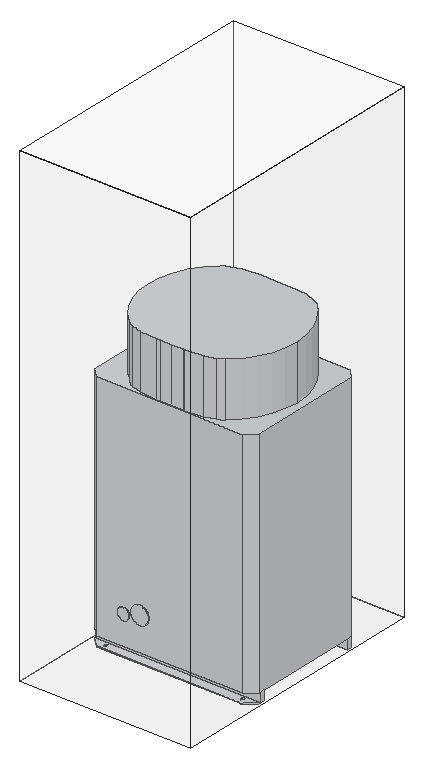
Revit family "室外機（高効率EX60Hz）_MEE修正", category 機械設備, Revit 2019 (continued)
Definition of nested family "筐体モジュール（高効率EX）"
  Lines and regions (mm)
    model lines, visible <- "ユニット234X", not visible, detail levels fine
      curve 238: line (460, -150.779, 818.931) -> (460, -150.779, 1040.048)
      curve 239: line (460, -132.596, 818.931) -> (460, -150.779, 818.931)
      curve 240: line (460, -132.596, 1040.048) -> (460, -132.596, 818.931)
      curve 241: line (460, 178.667, 802.923) -> (460, 297.73, 802.923)
      curve 242: line (460, 178.667, 569.8) -> (460, 178.667, 802.923)
      curve 243: line (460, 297.73, 569.8) -> (460, 178.667, 569.8)
      curve 244: line (460, 297.73, 802.923) -> (460, 297.73, 569.8)
      curve 245: line (460, 47.598, 802.923) -> (460, 166.661, 802.923)
      curve 246: line (460, 47.598, 569.8) -> (460, 47.598, 802.923)
      curve 247: line (460, 166.661, 569.8) -> (460, 47.598, 569.8)
      curve 248: line (460, 166.661, 802.923) -> (460, 166.661, 569.8)
      curve 249: line (460, -83.471, 802.923) -> (460, 35.592, 802.923)
      curve 250: line (460, -83.471, 569.8) -> (460, -83.471, 802.923)
      curve 251: line (460, 35.592, 569.8) -> (460, -83.471, 569.8)
      curve 252: line (460, 35.592, 802.923) -> (460, 35.592, 569.8)
      curve 253: line (460, -150.779, 802.923) -> (460, -95.75, 802.923)
      curve 254: line (460, -150.779, 569.8) -> (460, -150.779, 802.923)
      curve 255: line (460, -95.75, 569.8) -> (460, -150.779, 569.8)
      curve 256: line (460, -95.75, 802.923) -> (460, -95.75, 569.8)
      curve 257: line (460, -150.779, 796.92) -> (460, -132.596, 796.92)
      curve 258: line (460, -150.779, 575.803) -> (460, -150.779, 796.92)
      curve 259: line (460, -132.596, 575.803) -> (460, -150.779, 575.803)
      curve 260: line (460, -132.596, 796.92) -> (460, -132.596, 575.803)
      curve 261: line (460, 178.667, 559.795) -> (460, 297.73, 559.795)
      curve 262: line (460, 178.667, 326.672) -> (460, 178.667, 559.795)
      curve 263: line (460, 297.73, 326.672) -> (460, 178.667, 326.672)
      curve 264: line (460, 297.73, 559.795) -> (460, 297.73, 326.672)
      curve 265: line (460, 47.598, 559.795) -> (460, 166.661, 559.795)
      curve 266: line (460, 47.598, 326.672) -> (460, 47.598, 559.795)
      curve 267: line (460, 166.661, 326.672) -> (460, 47.598, 326.672)
      curve 268: line (460, 166.661, 559.795) -> (460, 166.661, 326.672)
      curve 269: line (460, -83.471, 559.795) -> (460, 35.592, 559.795)
      curve 270: line (460, -83.471, 326.672) -> (460, -83.471, 559.795)
      curve 271: line (460, 35.592, 326.672) -> (460, -83.471, 326.672)
      curve 272: line (460, 35.592, 559.795) -> (460, 35.592, 326.672)
      curve 273: line (460, -150.779, 559.795) -> (460, -95.75, 559.795)
      curve 274: line (460, -150.779, 326.672) -> (460, -150.779, 559.795)
      curve 275: line (460, -95.75, 326.672) -> (460, -150.779, 326.672)
      curve 276: line (460, -95.75, 559.795) -> (460, -95.75, 326.672)
      curve 277: line (460, -150.779, 553.792) -> (460, -132.596, 553.792)
      curve 278: line (460, -150.779, 332.675) -> (460, -150.779, 553.792)
      curve 279: line (460, -132.596, 332.675) -> (460, -150.779, 332.675)
      curve 280: line (460, -132.596, 553.792) -> (460, -132.596, 332.675)
      curve 281: line (460, 178.667, 316.667) -> (460, 297.73, 316.667)
      curve 282: line (460, 178.667, 83.544) -> (460, 178.667, 316.667)
      curve 283: line (460, 297.73, 83.544) -> (460, 178.667, 83.544)
      curve 284: line (460, 297.73, 316.667) -> (460, 297.73, 83.544)
      curve 285: line (460, 47.598, 316.667) -> (460, 166.661, 316.667)
      curve 286: line (460, 47.598, 83.544) -> (460, 47.598, 316.667)
      curve 287: line (460, 166.661, 83.544) -> (460, 47.598, 83.544)
      curve 288: line (460, 166.661, 316.667) -> (460, 166.661, 83.544)
      curve 289: line (460, -83.471, 316.667) -> (460, 35.592, 316.667)
      curve 290: line (460, -83.471, 83.544) -> (460, -83.471, 316.667)
      curve 291: line (460, 35.592, 83.544) -> (460, -83.471, 83.544)
      curve 292: line (460, 35.592, 316.667) -> (460, 35.592, 83.544)
      curve 293: line (460, -150.779, 316.667) -> (460, -95.75, 316.667)
      curve 294: line (460, -150.779, 83.544) -> (460, -150.779, 316.667)
      curve 295: line (460, -95.75, 83.544) -> (460, -150.779, 83.544)
      curve 296: line (460, -95.75, 316.667) -> (460, -95.75, 83.544)
      curve 297: line (460, -150.779, 310.664) -> (460, -132.596, 310.664)
      curve 298: line (460, -150.779, 89.547) -> (460, -150.779, 310.664)
      curve 299: line (460, -132.596, 89.547) -> (460, -150.779, 89.547)
      curve 300: line (460, -132.596, 310.664) -> (460, -132.596, 89.547)
    symbolic lines, visible <- "ユニット234X"
      curve 301: line (-408.343, 370, 0) -> (-460, 318.843, 0)
      curve 302: line (-460, 318.843, 0) -> (-460, -318.843, 0)
      curve 303: line (-460, -318.843, 0) -> (-408.343, -370, 0)
      curve 304: line (-408.343, -370, 0) -> (408.343, -370, 0)
      curve 305: line (408.343, -370, 0) -> (460, -318.843, 0)
      curve 306: line (460, -318.843, 0) -> (460, 318.843, 0)
      curve 307: line (460, 318.843, 0) -> (408.343, 370, 0)
      curve 308: line (408.343, 370, 0) -> (-408.343, 370, 0)
      curve 309: arc (-268.081, 316.106, 0) -> (-376.101, 174.18, 0) -> (-414.476, 0, 0) r 414.476
      curve 310: arc (-414.476, 0, 0) -> (-376.101, -174.18, 0) -> (-268.081, -316.106, 0) r 414.476
      curve 311: arc (-268.081, -316.106, 0) -> (-250.84, -327.278, 0) -> (-232.369, -336.274, 0) r 168.924
      curve 312: arc (-232.369, -336.274, 0) -> (-204.68, -346.28, 0) -> (-176.163, -353.601, 0) r 308.609
      curve 313: arc (-176.163, -353.601, 0) -> (-128.058, -361, 0) -> (-79.445, -363.367, 0) r 468.429
      curve 314: arc (-79.445, -363.367, 0) -> (-71.906, -363.425, 0) -> (-64.372, -363.142, 0) r 167.153
      curve 315: line (-64.372, -363.142, 0) -> (0, -363.142, 0)
      curve 316: line (0, -363.142, 0) -> (64.372, -363.142, 0)
      curve 317: arc (64.372, -363.142, 0) -> (71.906, -363.425, 0) -> (79.445, -363.367, 0) r 167.153
      curve 318: arc (79.445, -363.367, 0) -> (128.058, -361, 0) -> (176.163, -353.601, 0) r 468.429
      curve 319: arc (176.163, -353.601, 0) -> (204.68, -346.28, 0) -> (232.369, -336.274, 0) r 308.609
      curve 320: arc (232.369, -336.274, 0) -> (250.84, -327.278, 0) -> (268.081, -316.106, 0) r 168.924
      curve 321: arc (268.081, -316.106, 0) -> (376.101, -174.18, 0) -> (414.476, 0, 0) r 414.476
      curve 322: arc (414.476, 0, 0) -> (376.101, 174.18, 0) -> (268.082, 316.106, 0) r 414.476
      curve 323: arc (268.082, 316.106, 0) -> (250.84, 327.278, 0) -> (232.369, 336.274, 0) r 168.924
      curve 324: arc (232.369, 336.274, 0) -> (204.68, 346.28, 0) -> (176.163, 353.601, 0) r 308.609
      curve 325: arc (176.163, 353.601, 0) -> (128.058, 361, 0) -> (79.445, 363.367, 0) r 468.429
      curve 326: line (79.445, 363.367, 0) -> (0, 363.367, 0)
      curve 327: line (0, 363.367, 0) -> (-79.445, 363.367, 0)
      curve 328: arc (-79.445, 363.367, 0) -> (-128.058, 361, 0) -> (-176.163, 353.601, 0) r 468.429
      curve 329: arc (-176.163, 353.601, 0) -> (-204.68, 346.28, 0) -> (-232.369, 336.274, 0) r 308.609
      curve 330: arc (-232.369, 336.274, 0) -> (-250.974, 327.516, 0) -> (-268.081, 316.106, 0) r 138.853
  Dimensions and locks
    "Depth": plane 4 to plane 6
    equal spacing: plane 4, plane 1 "中心(正面/背面)", plane 6
    "W": plane 7 to plane 5
    equal spacing: plane 7, plane 3 "中心(左/右)", plane 5
    locked: plane 12 "本体下部" to plane 2 at 54
    plane 4 to plane 10 to plane 11 to plane 15 to plane 14 to plane 13 = 57 mm locked, 20 mm locked, 586 mm locked, 20 mm locked, 57 mm locked
    locked: plane 13 to plane 16 at 29.5
    locked: plane 4 to plane 19 at 29.5
    "冷媒液_Z": plane 20 "電源高さ" to level
    plane 9 to plane 8 = 303 mm
    plane 8 to plane 2 = 1347 mm
    "Height": plane 9 to plane 2
    "冷媒管径_Z": level to plane 24 "冷媒管高さ"
    locked: plane 7 to plane 17 at 80
    locked: plane 18 to plane 5 at 80
    locked: plane 12 "本体下部" to plane 25 "冷媒操作弁ガス芯4" at 1
    plane 19 to plane 10 to plane 11 = 27.5 mm, 20 mm
    plane 8 to level = 1347 mm
    equal spacing: plane 26, plane 3 "中心(左/右)", plane 27
    "Width": plane 26 to plane 27
    "冷媒ガス_X": plane 22 "冷媒操作弁液芯1" to plane 23 "冷媒操作弁ガス芯1"
    "冷媒液_X": plane 26 to plane 22 "冷媒操作弁液芯1"
    plane 16 to plane 14 to plane 15 = 27.5 mm, 20 mm
    "冷媒液_Y": plane 4 to plane 29
    "冷媒ガス_Y": plane 4 to plane 28
    "冷媒管径_X": plane 26 to plane 21
    "冷媒ガス_Z": plane 30 to level
    "冷媒管径_Y": plane 4 to plane 31
    "冷媒ガス管径": diameter of Extrusion 10 sketch curve
    "冷媒液管径": diameter of Extrusion 9 sketch curve
    "冷媒管径": diameter of Extrusion 8 sketch curve
    "冷媒管径": diameter of Extrusion 6 sketch curve
    aligned and locked: plane 5 to Extrusion 1
    aligned and locked: Extrusion 1 to plane 7
    aligned and locked: Extrusion 1 to plane 6
    aligned and locked: plane 4 to Extrusion 1
    aligned and locked: curve 103 to plane 7
    aligned and locked: curve 3 to plane 5
    aligned and locked: plane 11 to Extrusion 2 sketch curve
    aligned and locked: plane 7 to Extrusion 2 sketch curve
    aligned and locked: Extrusion 2 sketch curve to plane 10
    aligned and locked: Extrusion 2 sketch curve to plane 5
    aligned and locked: plane 13 to Extrusion 4
    aligned and locked: Extrusion 4 to plane 14
    aligned and locked: Extrusion 1 to plane 12 "本体下部"
    aligned and locked: plane 12 "本体下部" to Extrusion 1  (x2)
    aligned and locked: plane 8 to Extrusion 1
    aligned and locked: Extrusion 4 sketch curve to Extrusion 1  (x2)
    aligned and locked: plane 4 to Extrusion 5
    aligned and locked: plane 10 to Extrusion 2
    aligned and locked: plane 3 "中心(左/右)" to Extrusion 7 sketch curve
    aligned and locked: plane 12 "本体下部" to Extrusion 8
    aligned and locked: Extrusion 9 to plane 25 "冷媒操作弁ガス芯4"
    aligned and locked: plane 12 "本体下部" to Extrusion 9
    aligned and locked: plane 12 "本体下部" to Extrusion 10
    aligned and locked: Extrusion 9 to Extrusion 10
    aligned and locked: Extrusion 8 to Extrusion 9
    aligned and locked: plane 23 "冷媒操作弁ガス芯1" to Extrusion 10 sketch curve
    aligned and locked: plane 21 to Extrusion 8 sketch curve
    aligned and locked: plane 22 "冷媒操作弁液芯1" to Extrusion 9 sketch curve
    aligned and locked: plane 28 to Extrusion 10 sketch curve
    aligned and locked: plane 29 to Extrusion 9 sketch curve
    aligned and locked: plane 24 "冷媒管高さ" to Extrusion 6 sketch curve
    aligned and locked: plane 21 to Extrusion 6 sketch curve
    aligned and locked: plane 31 to Extrusion 8 sketch curve
    aligned and locked: plane 17 to nested 1
    aligned and locked: nested 1 to plane 18
    aligned and locked: plane 16 to nested 1
    aligned and locked: nested 1 to plane 19
    aligned and locked: Masking region 1 sketch curve to Extrusion 1  (x8)
    aligned and locked: curve 301 to Masking region 1
    aligned and locked: curve 302 to Masking region 1
    aligned and locked: curve 303 to Masking region 1
    aligned and locked: curve 304 to Masking region 1
    aligned and locked: curve 305 to Masking region 1
    aligned and locked: curve 306 to Masking region 1
    aligned and locked: curve 307 to Masking region 1
    aligned and locked: curve 308 to Masking region 1
    aligned and locked: curve 309 to Extrusion 7
    aligned and locked: curve 310 to Extrusion 7
    aligned and locked: curve 311 to Extrusion 7
    aligned and locked: curve 312 to Extrusion 7
    aligned and locked: curve 313 to Extrusion 7
    aligned and locked: curve 314 to Extrusion 7
    aligned and locked: curve 315 to Extrusion 7
    aligned and locked: curve 316 to Extrusion 7
    aligned and locked: curve 317 to Extrusion 7
    aligned and locked: curve 318 to Extrusion 7
    aligned and locked: curve 319 to Extrusion 7
    aligned and locked: curve 320 to Extrusion 7
    aligned and locked: curve 321 to Extrusion 7
    aligned and locked: curve 322 to Extrusion 7
    aligned and locked: curve 323 to Extrusion 7
    aligned and locked: curve 324 to Extrusion 7
    aligned and locked: curve 325 to Extrusion 7
    aligned and locked: curve 326 to Extrusion 7
    aligned and locked: curve 327 to Extrusion 7
    aligned and locked: curve 328 to Extrusion 7
    aligned and locked: curve 329 to Extrusion 7
    aligned and locked: curve 330 to Extrusion 7
  Automatic sketch dimensions
    Extrusion 1 sketch curve to plane 7 = 0 mm
    plane 6 to Extrusion 1 sketch curve = 0 mm
    plane 4 to Extrusion 1 sketch curve = 0 mm
    Extrusion 1 sketch curve to plane 5 = 0 mm
    plane 10 to Extrusion 1 sketch curve = 5.843 mm  (x2)
    plane 14 to Extrusion 1 sketch curve = 5.843 mm  (x2)
    Extrusion 3 sketch curve to plane 7 = 0 mm
    Extrusion 3 sketch curve to plane 5 = 0 mm
    Extrusion 3 sketch curve to plane 14 = 0 mm
    Extrusion 3 sketch curve to plane 15 = 0 mm
    Extrusion 4 sketch curve to plane 7 = 0 mm
    plane 6 to Extrusion 4 sketch curve = 0 mm
    Extrusion 4 sketch curve to plane 17 = 0 mm
    Extrusion 4 sketch curve to plane 18 = 0 mm
    Extrusion 4 sketch curve to plane 5 = 0 mm
    Extrusion 4 sketch curve to plane 14 = 0 mm
    Extrusion 4 sketch curve to plane 16 = 3 mm  (x2)
    plane 17 to Extrusion 4 sketch curve = 7 mm
    Extrusion 4 sketch curve to plane 18 = 7 mm
    plane 16 to Extrusion 4 sketch curve = 3 mm  (x2)
    Extrusion 5 sketch curve to plane 7 = 0 mm
    plane 4 to Extrusion 5 sketch curve = 0 mm
    Extrusion 5 sketch curve to plane 17 = 0 mm
    Extrusion 5 sketch curve to plane 18 = 0 mm
    Extrusion 5 sketch curve to plane 5 = 0 mm
    plane 10 to Extrusion 5 sketch curve = 0 mm
    plane 19 to Extrusion 5 sketch curve = 3 mm  (x2)
    Extrusion 5 sketch curve to plane 17 = 7 mm
    plane 18 to Extrusion 5 sketch curve = 7 mm
    Extrusion 5 sketch curve to plane 19 = 3 mm  (x2)
    plane 10 to Extrusion 5 sketch curve = 5.843 mm  (x2)
    Extrusion 1 sketch curve to plane 17 = 28.343 mm  (x2)
    Extrusion 5 sketch curve to plane 17 = 28.343 mm
    Extrusion 1 sketch curve to plane 18 = 28.343 mm  (x2)
    Extrusion 5 sketch curve to plane 18 = 28.343 mm
    Extrusion 7 sketch curve to Extrusion 7 sketch curve = 0 mm  (x3)
    plane 1 "中心(正面/背面)" to Extrusion 7 sketch curve = 0 mm  (x2)
    Extrusion 7 sketch curve to plane 3 "中心(左/右)" = 0 mm  (x3)
    Extrusion 7 sketch curve to plane 4 = 6.858 mm
    Extrusion 7 sketch curve to plane 3 "中心(左/右)" = 64.372 mm
    Extrusion 7 sketch curve to plane 3 "中心(左/右)" = 74.399 mm
    plane 6 to Extrusion 7 sketch curve = 6.633 mm
    Extrusion 7 sketch curve to plane 3 "中心(左/右)" = 79.445 mm
    Extrusion 7 sketch curve to plane 3 "中心(左/右)" = 80.998 mm  (x2)
    Extrusion 7 sketch curve to Extrusion 7 sketch curve = 64.372 mm
    plane 3 "中心(左/右)" to Extrusion 7 sketch curve = 74.399 mm
    Extrusion 7 sketch curve to Extrusion 7 sketch curve = 79.445 mm
    plane 3 "中心(左/右)" to Extrusion 7 sketch curve = 80.998 mm  (x2)
    Extrusion 7 sketch curve to Extrusion 7 sketch curve = 32.763 mm  (x4)
    Extrusion 7 sketch curve to Extrusion 7 sketch curve = 86.775 mm
    Extrusion 7 sketch curve to Extrusion 7 sketch curve = 93.374 mm  (x2)
    Extrusion 7 sketch curve to Extrusion 7 sketch curve = 91.232 mm  (x2)
    plane 1 "中心(正面/背面)" to Extrusion 7 sketch curve = 51.367 mm  (x2)
    Extrusion 7 sketch curve to plane 1 "中心(正面/背面)" = 51.367 mm  (x2)
    Extrusion 7 sketch curve to Extrusion 7 sketch curve = 53.692 mm  (x2)
    Extrusion 7 sketch curve to Extrusion 7 sketch curve = 75.129 mm
    Extrusion 7 sketch curve to Extrusion 7 sketch curve = 101.551 mm
    Extrusion 7 sketch curve to plane 4 = 6.633 mm  (x2)
    Extrusion 7 sketch curve to plane 19 = 4.226 mm  (x2)
    Extrusion 7 sketch curve to plane 16 = 4.226 mm  (x2)
    plane 14 to Extrusion 7 sketch curve = 3.106 mm
    plane 16 to Extrusion 7 sketch curve = 13.101 mm  (x2)
    plane 19 to Extrusion 7 sketch curve = 13.101 mm  (x2)
    plane 10 to Extrusion 7 sketch curve = 3.106 mm
    Extrusion 7 sketch curve to Extrusion 7 sketch curve = 101.697 mm
    Extrusion 7 sketch curve to Extrusion 7 sketch curve = 16.103 mm  (x2)
    Extrusion 7 sketch curve to plane 11 = 96.709 mm
    curve 326 to plane 3 "中心(左/右)" = 0 mm
    curve 315 to plane 3 "中心(左/右)" = 0 mm
  Nested families
    nested 1: "固定点" at (-380, -340.5, 0), visible <- "ユニット234X", type "固定点", detail levels fine
      with W 760 mm, D 681 mm
  Definition of nested family "固定点"
    Parameters (values of type "固定点")
      中心円 = 20 mm
      W [instance] = 1000 mm
      D [instance] = 1000 mm
    Reference planes
      plane 1 "中心(正面/背面)": y = 0
      plane 2: z = 0
      plane 3 "中心(左/右)": x = 0
      plane 4: x = 1000
      plane 5: y = 1000
    Lines and regions (mm)
      symbolic lines, detail levels fine
        curve 1: circle (0, 1000, 0) r 10 normal (0, 0, 1)
        curve 2: circle (0, 0, 0) r 10 normal (0, 0, 1)
        curve 3: circle (1000, 1000, 0) r 10 normal (0, 0, 1)
        curve 4: circle (1000, 0, 0) r 10 normal (0, 0, 1)
        curve 5: line (-200, 1000, 0) -> (1200, 1000, 0)
        curve 6: line (-200, 0, 0) -> (1200, 0, 0)
        curve 7: line (0, 1200, 0) -> (0, -200, 0)
        curve 8: line (1000, 1200, 0) -> (1000, -200, 0)
    Dimensions and locks
      "W": plane 3 "中心(左/右)" to plane 4
      "D": plane 1 "中心(正面/背面)" to plane 5
      "中心円": diameter of curve 1
      "中心円": diameter of curve 2
      "中心円": diameter of curve 3
      "中心円": diameter of curve 4
      aligned and locked: level to plane 2
      aligned and locked: plane 5 to curve 1
      aligned and locked: plane 3 "中心(左/右)" to curve 1
      aligned and locked: plane 3 "中心(左/右)" to curve 2
      aligned and locked: plane 1 "中心(正面/背面)" to curve 2
      aligned and locked: plane 4 to curve 3
      aligned and locked: plane 5 to curve 3
      aligned and locked: plane 1 "中心(正面/背面)" to curve 4
      aligned and locked: plane 4 to curve 4
      aligned and locked: plane 1 "中心(正面/背面)" to curve 6
      aligned and locked: curve 7 to plane 3 "中心(左/右)"
      aligned and locked: curve 8 to plane 4
    Automatic sketch dimensions
      curve 5 to plane 5 = 0 mm
      curve 6 to plane 3 "中心(左/右)" = 200 mm
      curve 5 to plane 3 "中心(左/右)" = 200 mm
      curve 4 to curve 6 = 200 mm
      curve 3 to curve 5 = 200 mm
      plane 1 "中心(正面/背面)" to curve 8 = 200 mm
      plane 1 "中心(正面/背面)" to curve 7 = 200 mm
      curve 3 to curve 8 = 200 mm
      curve 1 to curve 7 = 200 mm
Types (49, lengths in mm): name | 風量（m3／min） | 風量 | 音響パワーレベル(dB) | 電源位置2X（ユニット3） | 電源位置2X（ユニット2） | 電源位置2X（ユニット1） | 電源位置1X（ユニット3） | 電源位置1X（ユニット2） | 電源位置1X（ユニット1） | 電動機出力_送風機 | 電動機出力_圧縮機 | 質量 | 製品質量 | 消費電力_暖房 | 消費電力_冷房 | 消費電力 | 最小電線太さ_mm2 | 暖房能力 | 推奨ブレーカー容量 | 冷房能力 | 冷媒管（液）位置2 (ユニット3) | 冷媒管（液）位置2 (ユニット2) | 冷媒管（液）位置1 (ユニット3） | 冷媒管（ガス）位置2 (ユニット3) | 冷媒管（ガス）位置2 (ユニット2) | 冷媒管（液）位置1 (ユニット1) | 冷媒管（液）位置2 (ユニット1) | 冷媒管（ガス）位置2 (ユニット1) | 冷媒管（液）位置1 (ユニット2） | 冷媒管径符号 | 冷媒管位置3 (ユニット3) | 冷媒管位置3 (ユニット2) | 冷媒管位置3 (ユニット1) | 冷媒管位置2 (ユニット3) | 冷媒管位置2 (ユニット2) | 冷媒管位置1 (ユニット2) | 冷媒管位置2 (ユニット1) | 冷媒管位置1 (ユニット3) | 冷媒管位置1 (ユニット1) | 冷媒液管径3 | 冷媒液管径2 | 冷媒液管径 | 冷媒ガス管径3 | 冷媒ガス管径2 | 冷媒ガス管径 | ユニット隙間 | ユニット数 | ユニットタイプ3 | ユニットタイプ2 | ユニットタイプ1 | ユニット3 | ユニット2 | モデル | サービススペース_タイプA | アンカーボルト位置X（ユニット3） | アンカーボルト位置X（ユニット2） | アンカーボルト位置X（ユニット1） | Width3 | Width2 | Width1 | Width | URL | MAX風量 | Clearance Right | Clearance Left | Clearance Back | APF
  (no name) | 165 | 9900.0 m³/h | 76 | 177 | 177 | 177 | 201 | 201 | 201 | 0.35 kW | 3.77 kW | 202.80 kg | 169.00 kg | 4.76 kW | 3.6 kW | 4.76 kW | 5.5 | 16 kW | 30 A | 14 kW | 147 | 147 | 251 | 137 | 137 | 251 | 147 | 137 | 251 | "Bd" | 242 | 242 | 242 | 142 | 142 | 292.5 | 142 | 292.5 | 292.5 | 9.52 | 9.52 | 9.52 | 15.88 | 15.88 | 15.88 | 30 | 1 | 筐体モジュール（高効率EX） : 140筐体 | 筐体モジュール（高効率EX） : 140筐体 | 筐体モジュール（高効率EX） : 140筐体 | no | no | "PUHY-EP140DMG7" | yes | 760 | 760 | 760 | 920 | 920 | 920 | 920 | "https://www.mitsubishielectric.co.jp/ldg/wink/ssl/displayProduct.do?pid=307677" | 9900.0 m³/h | 15 | 15 | 300 | 5.7
  PUHY-EP140DMG7_タイプA | 165 | 9900.0 m³/h | 76 | 177 | 177 | 177 | 201 | 201 | 201 | 0.35 kW | 3.77 kW | 202.80 kg | 169.00 kg | 4.76 kW | 3.6 kW | 4.76 kW | 5.5 | 16 kW | 30 A | 14 kW | 147 | 147 | 251 | 137 | 137 | 251 | 147 | 137 | 251 | "Bd" | 242 | 242 | 242 | 142 | 142 | 292.5 | 142 | 292.5 | 292.5 | 9.52 | 9.52 | 9.52 | 15.88 | 15.88 | 15.88 | 30 | 1 | 筐体モジュール（高効率EX） : 140筐体 | 筐体モジュール（高効率EX） : 140筐体 | 筐体モジュール（高効率EX） : 140筐体 | no | no | "PUHY-EP140DMG7" | yes | 760 | 760 | 760 | 920 | 920 | 920 | 920 | "https://www.mitsubishielectric.co.jp/ldg/wink/ssl/displayProduct.do?pid=307677" | 9900.0 m³/h | 15 | 15 | 300 | 5.7
  PUHY-EP160DMG7_タイプA | 165 | 9900.0 m³/h | 76.5 | 177 | 177 | 177 | 201 | 201 | 201 | 0.35 kW | 3.46 kW | 202.80 kg | 169.00 kg | 4.4 kW | 3.9 kW | 4.4 kW | 5.5 | 18 kW | 30 A | 16 kW | 147 | 147 | 251 | 137 | 137 | 251 | 147 | 137 | 251 | "Be" | 242 | 242 | 242 | 142 | 142 | 292.5 | 142 | 292.5 | 292.5 | 9.52 | 9.52 | 9.52 | 19.05 | 19.05 | 19.05 | 30 | 1 | 筐体モジュール（高効率EX） : 160筐体 | 筐体モジュール（高効率EX） : 160筐体 | 筐体モジュール（高効率EX） : 160筐体 | no | no | "PUHY-EP160DMG7" | yes | 760 | 760 | 760 | 920 | 920 | 920 | 920 | "https://www.mitsubishielectric.co.jp/ldg/wink/ssl/displayProduct.do?pid=307679" | 9900.0 m³/h | 15 | 15 | 300 | 6
  PUHY-EP224DMG7_タイプA | 165 | 9900.0 m³/h | 76.5 | 177 | 177 | 177 | 201 | 201 | 201 | 0.35 kW | 5.14 kW | 222.00 kg | 185.00 kg | 6.26 kW | 6.34 kW | 6.34 kW | 8 | 25 kW | 40 A | 22.4 kW | 147 | 147 | 251 | 145 | 145 | 251 | 147 | 145 | 251 | "Be" | 197 | 197 | 197 | 146 | 146 | 292.5 | 146 | 292.5 | 292.5 | 9.52 | 9.52 | 9.52 | 19.05 | 19.05 | 19.05 | 30 | 1 | 筐体モジュール（高効率EX） : 224筐体 | 筐体モジュール（高効率EX） : 224筐体 | 筐体モジュール（高効率EX） : 224筐体 | no | no | "PUHY-EP224DMG7" | yes | 760 | 760 | 760 | 920 | 920 | 920 | 920 | "https://www.mitsubishielectric.co.jp/ldg/wink/ssl/displayProduct.do?pid=307682" | 9900.0 m³/h | 15 | 15 | 300 | 6
  PUHY-EP280DMG7_タイプA | 185 | 11100.0 m³/h | 80.5 | 177 | 177 | 177 | 201 | 201 | 201 | 0.46 kW | 7.33 kW | 222.00 kg | 185.00 kg | 8.36 kW | 9.16 kW | 9.16 kW | 14 | 31.5 kW | 50 A | 28 kW | 147 | 147 | 251 | 145 | 145 | 251 | 147 | 145 | 251 | "Bf" | 197 | 197 | 197 | 146 | 146 | 292.5 | 146 | 292.5 | 292.5 | 9.52 | 9.52 | 9.52 | 22.20 | 22.20 | 22.20 | 30 | 1 | 筐体モジュール（高効率EX） : 280筐体 | 筐体モジュール（高効率EX） : 280筐体 | 筐体モジュール（高効率EX） : 280筐体 | no | no | "PUHY-EP280DMG7" | yes | 760 | 760 | 760 | 920 | 920 | 920 | 920 | "https://www.mitsubishielectric.co.jp/ldg/wink/ssl/displayProduct.do?pid=307515" | 11100.0 m³/h | 15 | 15 | 300 | 5.7
  PUHY-EP335DMG7_タイプA | 210 | 12600.0 m³/h | 82.5 | 227 | 227 | 227 | 251 | 251 | 251 | 0.46 kW | 7.77 kW | 267.60 kg | 223.00 kg | 9.39 kW | 9.51 kW | 9.51 kW | 22 | 37.5 kW | 60 A | 33.5 kW | 143 | 143 | 301 | 145 | 145 | 301 | 143 | 145 | 301 | "Bf" | 197.5 | 197.5 | 197.5 | 144 | 144 | 342.5 | 144 | 342.5 | 342.5 | 9.52 | 9.52 | 9.52 | 22.20 | 22.20 | 22.20 | 30 | 1 | 筐体モジュール（高効率EX） : 335筐体 | 筐体モジュール（高効率EX） : 335筐体 | 筐体モジュール（高効率EX） : 335筐体 | no | no | "PUHY-EP335DMG7" | yes | 1060 | 1060 | 1060 | 1220 | 1220 | 1220 | 1220 | "https://www.mitsubishielectric.co.jp/ldg/wink/ssl/displayProduct.do?pid=307687" | 12600.0 m³/h | 15 | 15 | 300 | 6.2
  PUHY-EP400DMG7_タイプA | 360 | 21600.0 m³/h | 83 | 516 | 516 | 516 | 541 | 541 | 541 | 0.92 kW | 9.84 kW | 339.60 kg | 283.00 kg | 12.3 kW | 12.1 kW | 12.3 kW | 22 | 45 kW | 60 A | 40 kW | 143 | 143 | 590 | 145 | 145 | 590 | 143 | 145 | 590 | "Cg" | 197.5 | 197.5 | 197.5 | 144 | 144 | 631.5 | 144 | 631.5 | 631.5 | 12.70 | 12.70 | 12.70 | 25.40 | 25.40 | 25.40 | 30 | 1 | 筐体モジュール.（高効率EX） : 400筐体 | 筐体モジュール.（高効率EX） : 400筐体 | 筐体モジュール.（高効率EX） : 400筐体 | no | no | "PUHY-EP400DMG7" | yes | 795 | 795 | 795 | 1750 | 1750 | 1750 | 1750 | "https://www.mitsubishielectric.co.jp/ldg/wink/ssl/displayProduct.do?pid=307689" | 21600.0 m³/h | 15 | 15 | 300 | 6.3
  PUHY-EP450DMG7_タイプA | 360 | 21600.0 m³/h | 83 | 516 | 516 | 516 | 541 | 541 | 541 | 0.92 kW | 12.6 kW | 339.60 kg | 283.00 kg | 13.5 kW | 15.6 kW | 15.6 kW | 22 | 50 kW | 75 A | 45 kW | 144 | 144 | 590 | 145 | 145 | 590 | 144 | 145 | 590 | "Ch" | 205 | 205 | 205 | 144.5 | 144.5 | 631.5 | 144.5 | 631.5 | 631.5 | 12.70 | 12.70 | 12.70 | 28.58 | 28.58 | 28.58 | 30 | 1 | 筐体モジュール.（高効率EX） : 450筐体 | 筐体モジュール.（高効率EX） : 450筐体 | 筐体モジュール.（高効率EX） : 450筐体 | no | no | "PUHY-EP450DMG7" | yes | 795 | 795 | 795 | 1750 | 1750 | 1750 | 1750 | "https://www.mitsubishielectric.co.jp/ldg/wink/ssl/displayProduct.do?pid=307692" | 21600.0 m³/h | 15 | 15 | 300 | 6.4
  PUHY-EP500DMG7_タイプA | 350 | 21000.0 m³/h | 82 | 177 | 177 | 177 | 201 | 201 | 201 | 0.81 kW | 12.47 kW | 444.00 kg | 370.00 kg | 14.4 kW | 15.1 kW | 15.1 kW | 38 | 56 kW | 75 A | 50 kW | 147 | 147 | 251 | 145 | 145 | 251 | 147 | 145 | 251 | "Dh" | 197 | 197 | 197 | 146 | 146 | 292.5 | 146 | 292.5 | 292.5 | 9.52 | 9.52 | 9.52 | 22.20 | 22.20 | 22.20 | 30 | 2 | 筐体モジュール（高効率EX） : 224筐体 | 筐体モジュール（高効率EX） : 224筐体 | 筐体モジュール（高効率EX） : 280筐体 | no | yes | "PUHY-EP500DMG7" | yes | 760 | 760 | 760 | 920 | 920 | 920 | 1870 | "https://www.mitsubishielectric.co.jp/ldg/wink/ssl/displayProduct.do?pid=307697" | 21000.0 m³/h | 15 | 15 | 300 | 5.8
  PUHY-EP560DMG7_タイプA | 370 | 22200.0 m³/h | 83.5 | 177 | 177 | 177 | 201 | 201 | 201 | 0.92 kW | 14.66 kW | 444.00 kg | 370.00 kg | 16.2 kW | 17.7 kW | 17.7 kW | 38 | 63 kW | 100 A | 56 kW | 147 | 147 | 251 | 145 | 145 | 251 | 147 | 145 | 251 | "Dh" | 197 | 197 | 197 | 146 | 146 | 292.5 | 146 | 292.5 | 292.5 | 9.52 | 9.52 | 9.52 | 22.20 | 22.20 | 22.20 | 30 | 2 | 筐体モジュール（高効率EX） : 280筐体 | 筐体モジュール（高効率EX） : 280筐体 | 筐体モジュール（高効率EX） : 280筐体 | no | yes | "PUHY-EP560DMG7" | yes | 760 | 760 | 760 | 920 | 920 | 920 | 1870 | "https://www.mitsubishielectric.co.jp/ldg/wink/ssl/displayProduct.do?pid=307700" | 22200.0 m³/h | 15 | 15 | 300 | 5.7
  PUHY-EP630DMG7_タイプA | 395 | 23700.0 m³/h | 85 | 177 | 177 | 227 | 201 | 201 | 251 | 0.92 kW | 15.1 kW | 489.60 kg | 408.00 kg | 17.6 kW | 19 kW | 19 kW | 38 | 69 kW | 100 A | 63 kW | 147 | 147 | 251 | 145 | 145 | 301 | 143 | 145 | 251 | "Dh" | 197 | 197 | 197.5 | 146 | 146 | 292.5 | 144 | 292.5 | 342.5 | 9.52 | 9.52 | 12.70 | 22.20 | 22.20 | 25.40 | 30 | 2 | 筐体モジュール（高効率EX） : 280筐体 | 筐体モジュール（高効率EX） : 280筐体 | 筐体モジュール（高効率EX） : 335筐体 | no | yes | "PUHY-EP630DMG7" | yes | 760 | 760 | 1060 | 920 | 920 | 1220 | 2170 | "https://www.mitsubishielectric.co.jp/ldg/wink/ssl/displayProduct.do?pid=307703" | 23700.0 m³/h | 15 | 15 | 300 | 5.9
  PUHY-EP670DMG7_タイプA | 420 | 25200.0 m³/h | 85.5 | 227 | 227 | 227 | 251 | 251 | 251 | 0.92 kW | 15.54 kW | 535.20 kg | 446.00 kg | 19.6 kW | 19.4 kW | 19.6 kW | 60 | 77.5 kW | 100 A | 67 kW | 143 | 143 | 301 | 145 | 145 | 301 | 143 | 145 | 301 | "Dh" | 197.5 | 197.5 | 197.5 | 144 | 144 | 342.5 | 144 | 342.5 | 342.5 | 12.70 | 12.70 | 12.70 | 25.40 | 25.40 | 25.40 | 30 | 2 | 筐体モジュール（高効率EX） : 335筐体 | 筐体モジュール（高効率EX） : 335筐体 | 筐体モジュール（高効率EX） : 335筐体 | no | yes | "PUHY-EP670DMG7" | yes | 1060 | 1060 | 1060 | 1220 | 1220 | 1220 | 2470 | "https://www.mitsubishielectric.co.jp/ldg/wink/ssl/displayProduct.do?pid=307706" | 25200.0 m³/h | 15 | 15 | 300 | 6.2
  PUHY-EP730DMG7_タイプA | 570 | 34200.0 m³/h | 86 | 227 | 227 | 516 | 251 | 251 | 541 | 1.38 kW | 17.61 kW | 607.20 kg | 506.00 kg | 22.3 kW | 22.2 kW | 22.3 kW | 60 | 82.5 kW | 100 A | 73 kW | 143 | 143 | 301 | 145 | 145 | 590 | 143 | 145 | 301 | "Dh" | 197.5 | 197.5 | 197.5 | 144 | 144 | 342.5 | 144 | 342.5 | 631.5 | 12.70 | 12.70 | 12.70 | 25.40 | 25.40 | 25.40 | 30 | 2 | 筐体モジュール（高効率EX） : 335筐体 | 筐体モジュール（高効率EX） : 335筐体 | 筐体モジュール.（高効率EX） : 400筐体 | no | yes | "PUHY-EP730DMG7" | yes | 1060 | 1060 | 795 | 1220 | 1220 | 1750 | 3000 | "https://www.mitsubishielectric.co.jp/ldg/wink/ssl/displayProduct.do?pid=307709" | 34200.0 m³/h | 15 | 15 | 300 | 6.2
  PUHY-EP775DMG7_タイプA | 720 | 43200.0 m³/h | 86 | 516 | 516 | 516 | 541 | 541 | 541 | 1.84 kW | 19.68 kW | 679.20 kg | 566.00 kg | 25.6 kW | 24.5 kW | 25.6 kW | 60 | 90 kW | 125 A | 77.5 kW | 143 | 143 | 590 | 145 | 145 | 590 | 143 | 145 | 590 | "Ei" | 197.5 | 197.5 | 197.5 | 144 | 144 | 631.5 | 144 | 631.5 | 631.5 | 12.70 | 12.70 | 12.70 | 25.40 | 25.40 | 25.40 | 30 | 2 | 筐体モジュール.（高効率EX） : 400筐体 | 筐体モジュール.（高効率EX） : 400筐体 | 筐体モジュール.（高効率EX） : 400筐体 | no | yes | "PUHY-EP775DMG7" | yes | 795 | 795 | 795 | 1750 | 1750 | 1750 | 3530 | "https://www.mitsubishielectric.co.jp/ldg/wink/ssl/displayProduct.do?pid=307711" | 43200.0 m³/h | 15 | 15 | 300 | 6.3
  PUHY-EP850DMG7_タイプA | 720 | 43200.0 m³/h | 86 | 516 | 516 | 516 | 541 | 541 | 541 | 1.84 kW | 22.44 kW | 679.20 kg | 566.00 kg | 26.8 kW | 28.6 kW | 28.6 kW | 60 | 95 kW | 125 A | 85 kW | 143 | 143 | 590 | 145 | 145 | 590 | 144 | 145 | 590 | "Ei" | 197.5 | 197.5 | 205 | 144 | 144 | 631.5 | 144.5 | 631.5 | 631.5 | 12.70 | 12.70 | 15.88 | 25.40 | 25.40 | 28.58 | 30 | 2 | 筐体モジュール.（高効率EX） : 400筐体 | 筐体モジュール.（高効率EX） : 400筐体 | 筐体モジュール.（高効率EX） : 450筐体 | no | yes | "PUHY-EP850DMG7" | yes | 795 | 795 | 795 | 1750 | 1750 | 1750 | 3530 | "https://www.mitsubishielectric.co.jp/ldg/wink/ssl/displayProduct.do?pid=307604" | 43200.0 m³/h | 15 | 15 | 300 | 6.3
  PUHY-EP900DMG7_タイプA | 720 | 43200.0 m³/h | 86 | 516 | 516 | 516 | 541 | 541 | 541 | 1.84 kW | 25.2 kW | 679.20 kg | 566.00 kg | 27.1 kW | 32.4 kW | 32.4 kW | 100 | 100 kW | 125 A | 90 kW | 144 | 144 | 590 | 145 | 145 | 590 | 144 | 145 | 590 | "Ei" | 205 | 205 | 205 | 144.5 | 144.5 | 631.5 | 144.5 | 631.5 | 631.5 | 15.88 | 15.88 | 15.88 | 28.58 | 28.58 | 28.58 | 30 | 2 | 筐体モジュール.（高効率EX） : 450筐体 | 筐体モジュール.（高効率EX） : 450筐体 | 筐体モジュール.（高効率EX） : 450筐体 | no | yes | "PUHY-EP900DMG7" | yes | 795 | 795 | 795 | 1750 | 1750 | 1750 | 3530 | "https://www.mitsubishielectric.co.jp/ldg/wink/ssl/displayProduct.do?pid=307716" | 43200.0 m³/h | 15 | 15 | 300 | 6.4
  PUHY-EP950DMG7_タイプA | 720 | 43200.0 m³/h | 87.5 | 516 | 516 | 516 | 541 | 541 | 541 | 1.84 kW | 27.8 kW | 686.40 kg | 572.00 kg | 29.1 kW | 34.4 kW | 34.4 kW | 100 | 106 kW | 150 A | 95 kW | 144 | 144 | 590 | 145 | 145 | 590 | 144 | 145 | 590 | "Ek" | 205 | 205 | 205 | 144.5 | 144.5 | 631.5 | 144.5 | 631.5 | 631.5 | 15.88 | 15.88 | 15.88 | 28.58 | 28.58 | 28.58 | 30 | 2 | 筐体モジュール.（高効率EX） : 450筐体 | 筐体モジュール.（高効率EX） : 450筐体 | 筐体モジュール.（高効率EX） : 500筐体 | no | yes | "PUHY-EP950DMG7" | yes | 795 | 795 | 795 | 1750 | 1750 | 1750 | 3530 | "https://www.mitsubishielectric.co.jp/ldg/wink/ssl/displayProduct.do?pid=307718" | 43200.0 m³/h | 15 | 15 | 300 | 5.6
  PUHY-EP1000DMG7_タイプA | 720 | 43200.0 m³/h | 88.5 | 516 | 516 | 516 | 541 | 541 | 541 | 1.84 kW | 30.4 kW | 693.60 kg | 578.00 kg | 30.2 kW | 36.6 kW | 36.6 kW | 100 | 112 kW | 150 A | 100 kW | 144 | 144 | 590 | 145 | 145 | 590 | 144 | 145 | 590 | "Ek" | 205 | 205 | 205 | 144.5 | 144.5 | 631.5 | 144.5 | 631.5 | 631.5 | 15.88 | 15.88 | 15.88 | 28.58 | 28.58 | 28.58 | 30 | 2 | 筐体モジュール.（高効率EX） : 500筐体 | 筐体モジュール.（高効率EX） : 500筐体 | 筐体モジュール.（高効率EX） : 500筐体 | no | yes | "PUHY-EP1000DMG7" | yes | 795 | 795 | 795 | 1750 | 1750 | 1750 | 3530 | "https://www.mitsubishielectric.co.jp/ldg/wink/ssl/displayProduct.do?pid=307606" | 43200.0 m³/h | 15 | 15 | 300 | 5.1
  PUHY-EP1060DMG7_タイプA | 780 | 46800.0 m³/h | 87.5 | 227 | 227 | 516 | 251 | 251 | 541 | 1.84 kW | 25.38 kW | 874.80 kg | 729.00 kg | 31.2 kW | 34.7 kW | 34.7 kW | 100 | 118 kW | 150 A | 106 kW | 143 | 143 | 301 | 145 | 145 | 590 | 143 | 145 | 301 | "Ek" | 197.5 | 197.5 | 197.5 | 144 | 144 | 342.5 | 144 | 342.5 | 631.5 | 12.70 | 12.70 | 12.70 | 25.40 | 25.40 | 25.40 | 30 | 3 | 筐体モジュール（高効率EX） : 335筐体 | 筐体モジュール（高効率EX） : 335筐体 | 筐体モジュール.（高効率EX） : 400筐体 | yes | yes | "PUHY-EP1060DMG7" | yes | 1060 | 1060 | 795 | 1220 | 1220 | 1750 | 4250 | "https://www.mitsubishielectric.co.jp/ldg/wink/ssl/displayProduct.do?pid=307723" | 46800.0 m³/h | 15 | 15 | 300 | 6.1
  PUHY-EP1120DMG7_タイプA | 780 | 46800.0 m³/h | 87.5 | 227 | 227 | 516 | 251 | 251 | 541 | 1.84 kW | 28.14 kW | 874.80 kg | 729.00 kg | 32.8 kW | 35 kW | 35 kW | 100 | 125 kW | 150 A | 112 kW | 143 | 143 | 301 | 145 | 145 | 590 | 144 | 145 | 301 | "Ek" | 197.5 | 197.5 | 205 | 144 | 144 | 342.5 | 144.5 | 342.5 | 631.5 | 12.70 | 12.70 | 15.88 | 25.40 | 25.40 | 28.58 | 30 | 3 | 筐体モジュール（高効率EX） : 335筐体 | 筐体モジュール（高効率EX） : 335筐体 | 筐体モジュール.（高効率EX） : 450筐体 | yes | yes | "PUHY-EP1120DMG7" | yes | 1060 | 1060 | 795 | 1220 | 1220 | 1750 | 4250 | "https://www.mitsubishielectric.co.jp/ldg/wink/ssl/displayProduct.do?pid=307725\r\nhttps://www.mitsubishielectric.co.jp/ldg/wink/ssl/displayProduct.do?pid=307725" | 46800.0 m³/h | 15 | 15 | 300 | 6.3
  PUHY-EP1180DMG7_タイプA | 930 | 55800.0 m³/h | 88 | 227 | 516 | 516 | 251 | 541 | 541 | 2.3 kW | 30.21 kW | 946.80 kg | 789.00 kg | 36.1 kW | 37.9 kW | 37.9 kW | 100 | 132 kW | 175 A | 118 kW | 143 | 143 | 301 | 145 | 145 | 590 | 144 | 145 | 590 | "Ek" | 197.5 | 197.5 | 205 | 144 | 144 | 631.5 | 144.5 | 342.5 | 631.5 | 12.70 | 12.70 | 15.88 | 25.40 | 25.40 | 28.58 | 30 | 3 | 筐体モジュール（高効率EX） : 335筐体 | 筐体モジュール.（高効率EX） : 400筐体 | 筐体モジュール.（高効率EX） : 450筐体 | yes | yes | "PUHY-EP1180DMG7" | yes | 1060 | 795 | 795 | 1220 | 1750 | 1750 | 4780 | "https://www.mitsubishielectric.co.jp/ldg/wink/ssl/displayProduct.do?pid=307608" | 55800.0 m³/h | 15 | 15 | 300 | 6.3
  PUHY-EP1220DMG7_タイプA | 1080 | 64800.0 m³/h | 88 | 516 | 516 | 516 | 541 | 541 | 541 | 2.76 kW | 32.28 kW | 1018.80 kg | 849.00 kg | 39.1 kW | 40.1 kW | 40.1 kW | 150 | 140 kW | 175 A | 122 kW | 143 | 143 | 590 | 145 | 145 | 590 | 144 | 145 | 590 | "Ek" | 197.5 | 197.5 | 205 | 144 | 144 | 631.5 | 144.5 | 631.5 | 631.5 | 12.70 | 12.70 | 15.88 | 25.40 | 25.40 | 28.58 | 30 | 3 | 筐体モジュール.（高効率EX） : 400筐体 | 筐体モジュール.（高効率EX） : 400筐体 | 筐体モジュール.（高効率EX） : 450筐体 | yes | yes | "PUHY-EP1220DMG7" | yes | 795 | 795 | 795 | 1750 | 1750 | 1750 | 5310 | "https://www.mitsubishielectric.co.jp/ldg/wink/ssl/displayProduct.do?pid=307730" | 64800.0 m³/h | 15 | 15 | 300 | 6.3
  PUHY-EP1280DMG7_タイプA | 1080 | 64800.0 m³/h | 88 | 516 | 516 | 516 | 541 | 541 | 541 | 2.76 kW | 35.04 kW | 1018.80 kg | 849.00 kg | 40.4 kW | 44 kW | 44 kW | 150 | 145 kW | 175 A | 128 kW | 143 | 144 | 590 | 145 | 145 | 590 | 144 | 145 | 590 | "Ek" | 197.5 | 205 | 205 | 144 | 144.5 | 631.5 | 144.5 | 631.5 | 631.5 | 12.70 | 15.88 | 15.88 | 25.40 | 28.58 | 28.58 | 30 | 3 | 筐体モジュール.（高効率EX） : 400筐体 | 筐体モジュール.（高効率EX） : 450筐体 | 筐体モジュール.（高効率EX） : 450筐体 | yes | yes | "PUHY-EP1280DMG7" | yes | 795 | 795 | 795 | 1750 | 1750 | 1750 | 5310 | "https://www.mitsubishielectric.co.jp/ldg/wink/ssl/displayProduct.do?pid=307732" | 64800.0 m³/h | 15 | 15 | 300 | 6.3
  PUHY-EP1360DMG7_タイプA | 1080 | 64800.0 m³/h | 88 | 516 | 516 | 516 | 541 | 541 | 541 | 2.76 kW | 37.8 kW | 1018.80 kg | 849.00 kg | 41.2 kW | 49 kW | 49 kW | 150 | 150 kW | 175 A | 136 kW | 144 | 144 | 590 | 145 | 145 | 590 | 144 | 145 | 590 | "Ek" | 205 | 205 | 205 | 144.5 | 144.5 | 631.5 | 144.5 | 631.5 | 631.5 | 15.88 | 15.88 | 15.88 | 28.58 | 28.58 | 28.58 | 30 | 3 | 筐体モジュール.（高効率EX） : 450筐体 | 筐体モジュール.（高効率EX） : 450筐体 | 筐体モジュール.（高効率EX） : 450筐体 | yes | yes | "PUHY-EP1360DMG7" | yes | 795 | 795 | 795 | 1750 | 1750 | 1750 | 5310 | "https://www.mitsubishielectric.co.jp/ldg/wink/ssl/displayProduct.do?pid=307735" | 64800.0 m³/h | 15 | 15 | 300 | 6.4
  PUHY-EP1400DMG7_タイプA | 1080 | 64800.0 m³/h | 89 | 516 | 516 | 516 | 541 | 541 | 541 | 2.76 kW | 40.4 kW | 1026.00 kg | 855.00 kg | 42.8 kW | 51.3 kW | 51.3 kW | 150 | 155 kW | 175 A | 140 kW | 144 | 144 | 590 | 145 | 145 | 590 | 144 | 145 | 590 | "Ek" | 205 | 205 | 205 | 144.5 | 144.5 | 631.5 | 144.5 | 631.5 | 631.5 | 15.88 | 15.88 | 15.88 | 28.58 | 28.58 | 28.58 | 30 | 3 | 筐体モジュール.（高効率EX） : 450筐体 | 筐体モジュール.（高効率EX） : 450筐体 | 筐体モジュール.（高効率EX） : 500筐体 | yes | yes | "PUHY-EP1400DMG7" | yes | 795 | 795 | 795 | 1750 | 1750 | 1750 | 5310 | "https://www.mitsubishielectric.co.jp/ldg/wink/ssl/displayProduct.do?pid=307738" | 64800.0 m³/h | 15 | 15 | 300 | 5.8
  PUHY-EP1000DMG7_タイプB | 720 | 43200.0 m³/h | 88.5 | 516 | 516 | 516 | 541 | 541 | 541 | 1.84 kW | 30.4 kW | 693.60 kg | 578.00 kg | 30.2 kW | 36.6 kW | 36.6 kW | 100 | 112 kW | 150 A | 100 kW | 144 | 144 | 590 | 145 | 145 | 590 | 144 | 145 | 590 | "Ek" | 205 | 205 | 205 | 144.5 | 144.5 | 631.5 | 144.5 | 631.5 | 631.5 | 15.88 | 15.88 | 15.88 | 28.58 | 28.58 | 28.58 | 100 | 2 | 筐体モジュール.（高効率EX） : 500筐体 | 筐体モジュール.（高効率EX） : 500筐体 | 筐体モジュール.（高効率EX） : 500筐体 | no | yes | "PUHY-EP1000DMG7" | no | 795 | 795 | 795 | 1750 | 1750 | 1750 | 3600 | "https://www.mitsubishielectric.co.jp/ldg/wink/ssl/displayProduct.do?pid=307606" | 43200.0 m³/h | 50 | 50 | 100 | 5.1
  PUHY-EP1060DMG7_タイプB | 780 | 46800.0 m³/h | 87.5 | 227 | 227 | 516 | 251 | 251 | 541 | 1.84 kW | 25.38 kW | 874.80 kg | 729.00 kg | 31.2 kW | 34.7 kW | 34.7 kW | 100 | 118 kW | 150 A | 106 kW | 143 | 143 | 301 | 145 | 145 | 590 | 143 | 145 | 301 | "Ek" | 197.5 | 197.5 | 197.5 | 144 | 144 | 342.5 | 144 | 342.5 | 631.5 | 12.70 | 12.70 | 12.70 | 25.40 | 25.40 | 25.40 | 100 | 3 | 筐体モジュール（高効率EX） : 335筐体 | 筐体モジュール（高効率EX） : 335筐体 | 筐体モジュール.（高効率EX） : 400筐体 | yes | yes | "PUHY-EP1060DMG7" | no | 1060 | 1060 | 795 | 1220 | 1220 | 1750 | 4390 | "https://www.mitsubishielectric.co.jp/ldg/wink/ssl/displayProduct.do?pid=307723" | 46800.0 m³/h | 50 | 50 | 100 | 6.1
  PUHY-EP1120DMG7_タイプB | 780 | 46800.0 m³/h | 87.5 | 227 | 227 | 516 | 251 | 251 | 541 | 1.84 kW | 28.14 kW | 874.80 kg | 729.00 kg | 32.8 kW | 35 kW | 35 kW | 100 | 125 kW | 150 A | 112 kW | 143 | 143 | 301 | 145 | 145 | 590 | 144 | 145 | 301 | "Ek" | 197.5 | 197.5 | 205 | 144 | 144 | 342.5 | 144.5 | 342.5 | 631.5 | 12.70 | 12.70 | 15.88 | 25.40 | 25.40 | 28.58 | 100 | 3 | 筐体モジュール（高効率EX） : 335筐体 | 筐体モジュール（高効率EX） : 335筐体 | 筐体モジュール.（高効率EX） : 450筐体 | yes | yes | "PUHY-EP1120DMG7" | no | 1060 | 1060 | 795 | 1220 | 1220 | 1750 | 4390 | "https://www.mitsubishielectric.co.jp/ldg/wink/ssl/displayProduct.do?pid=307725" | 46800.0 m³/h | 50 | 50 | 100 | 6.3
  PUHY-EP1180DMG7_タイプB | 930 | 55800.0 m³/h | 88 | 227 | 516 | 516 | 251 | 541 | 541 | 2.3 kW | 30.21 kW | 946.80 kg | 789.00 kg | 36.1 kW | 37.9 kW | 37.9 kW | 100 | 132 kW | 175 A | 118 kW | 143 | 143 | 301 | 145 | 145 | 590 | 144 | 145 | 590 | "Ek" | 197.5 | 197.5 | 205 | 144 | 144 | 631.5 | 144.5 | 342.5 | 631.5 | 12.70 | 12.70 | 15.88 | 25.40 | 25.40 | 28.58 | 100 | 3 | 筐体モジュール（高効率EX） : 335筐体 | 筐体モジュール.（高効率EX） : 400筐体 | 筐体モジュール.（高効率EX） : 450筐体 | yes | yes | "PUHY-EP1180DMG7" | no | 1060 | 795 | 795 | 1220 | 1750 | 1750 | 4920 | "https://www.mitsubishielectric.co.jp/ldg/wink/ssl/displayProduct.do?pid=307608" | 55800.0 m³/h | 50 | 50 | 100 | 6.3
  PUHY-EP1220DMG7_タイプB | 1080 | 64800.0 m³/h | 88 | 516 | 516 | 516 | 541 | 541 | 541 | 2.76 kW | 32.28 kW | 1018.80 kg | 849.00 kg | 39.1 kW | 40.1 kW | 40.1 kW | 150 | 140 kW | 175 A | 122 kW | 143 | 143 | 590 | 145 | 145 | 590 | 144 | 145 | 590 | "Ek" | 197.5 | 197.5 | 205 | 144 | 144 | 631.5 | 144.5 | 631.5 | 631.5 | 12.70 | 12.70 | 15.88 | 25.40 | 25.40 | 28.58 | 100 | 3 | 筐体モジュール.（高効率EX） : 400筐体 | 筐体モジュール.（高効率EX） : 400筐体 | 筐体モジュール.（高効率EX） : 450筐体 | yes | yes | "PUHY-EP1220DMG7" | no | 795 | 795 | 795 | 1750 | 1750 | 1750 | 5450 | "https://www.mitsubishielectric.co.jp/ldg/wink/ssl/displayProduct.do?pid=307730" | 64800.0 m³/h | 50 | 50 | 100 | 6.3
  PUHY-EP1280DMG7_タイプB | 1080 | 64800.0 m³/h | 88 | 516 | 516 | 516 | 541 | 541 | 541 | 2.76 kW | 35.04 kW | 1018.80 kg | 849.00 kg | 40.4 kW | 44 kW | 44 kW | 150 | 145 kW | 175 A | 128 kW | 143 | 144 | 590 | 145 | 145 | 590 | 144 | 145 | 590 | "Ek" | 197.5 | 205 | 205 | 144 | 144.5 | 631.5 | 144.5 | 631.5 | 631.5 | 12.70 | 15.88 | 15.88 | 25.40 | 28.58 | 28.58 | 100 | 3 | 筐体モジュール.（高効率EX） : 400筐体 | 筐体モジュール.（高効率EX） : 450筐体 | 筐体モジュール.（高効率EX） : 450筐体 | yes | yes | "PUHY-EP1280DMG7" | no | 795 | 795 | 795 | 1750 | 1750 | 1750 | 5450 | "https://www.mitsubishielectric.co.jp/ldg/wink/ssl/displayProduct.do?pid=307732" | 64800.0 m³/h | 50 | 50 | 100 | 6.3
  PUHY-EP1360DMG7_タイプB | 1080 | 64800.0 m³/h | 88 | 516 | 516 | 516 | 541 | 541 | 541 | 2.76 kW | 37.8 kW | 1018.80 kg | 849.00 kg | 41.2 kW | 49 kW | 49 kW | 150 | 150 kW | 175 A | 136 kW | 144 | 144 | 590 | 145 | 145 | 590 | 144 | 145 | 590 | "Ek" | 205 | 205 | 205 | 144.5 | 144.5 | 631.5 | 144.5 | 631.5 | 631.5 | 15.88 | 15.88 | 15.88 | 28.58 | 28.58 | 28.58 | 100 | 3 | 筐体モジュール.（高効率EX） : 450筐体 | 筐体モジュール.（高効率EX） : 450筐体 | 筐体モジュール.（高効率EX） : 450筐体 | yes | yes | "PUHY-EP1360DMG7" | no | 795 | 795 | 795 | 1750 | 1750 | 1750 | 5450 | "https://www.mitsubishielectric.co.jp/ldg/wink/ssl/displayProduct.do?pid=307735" | 64800.0 m³/h | 50 | 50 | 100 | 6.4
  PUHY-EP1400DMG7_タイプB | 1080 | 64800.0 m³/h | 89 | 516 | 516 | 516 | 541 | 541 | 541 | 2.76 kW | 40.4 kW | 1026.00 kg | 855.00 kg | 42.8 kW | 51.3 kW | 51.3 kW | 150 | 155 kW | 175 A | 140 kW | 144 | 144 | 590 | 145 | 145 | 590 | 144 | 145 | 590 | "Ek" | 205 | 205 | 205 | 144.5 | 144.5 | 631.5 | 144.5 | 631.5 | 631.5 | 15.88 | 15.88 | 15.88 | 28.58 | 28.58 | 28.58 | 100 | 3 | 筐体モジュール.（高効率EX） : 450筐体 | 筐体モジュール.（高効率EX） : 450筐体 | 筐体モジュール.（高効率EX） : 500筐体 | yes | yes | "PUHY-EP1400DMG7" | no | 795 | 795 | 795 | 1750 | 1750 | 1750 | 5450 | "https://www.mitsubishielectric.co.jp/ldg/wink/ssl/displayProduct.do?pid=307738" | 64800.0 m³/h | 50 | 50 | 100 | 5.8
  PUHY-EP140DMG7_タイプB | 165 | 9900.0 m³/h | 76 | 177 | 177 | 177 | 201 | 201 | 201 | 0.35 kW | 3.77 kW | 202.80 kg | 169.00 kg | 4.76 kW | 3.6 kW | 4.76 kW | 5.5 | 16 kW | 30 A | 14 kW | 147 | 147 | 251 | 137 | 137 | 251 | 147 | 137 | 251 | "Bd" | 242 | 242 | 242 | 142 | 142 | 292.5 | 142 | 292.5 | 292.5 | 9.52 | 9.52 | 9.52 | 15.88 | 15.88 | 15.88 | 100 | 1 | 筐体モジュール（高効率EX） : 140筐体 | 筐体モジュール（高効率EX） : 140筐体 | 筐体モジュール（高効率EX） : 140筐体 | no | no | "PUHY-EP140DMG7" | no | 760 | 760 | 760 | 920 | 920 | 920 | 920 | "https://www.mitsubishielectric.co.jp/ldg/wink/ssl/displayProduct.do?pid=307677" | 9900.0 m³/h | 50 | 50 | 100 | 5.7
  PUHY-EP160DMG7_タイプB | 165 | 9900.0 m³/h | 76.5 | 177 | 177 | 177 | 201 | 201 | 201 | 0.35 kW | 3.46 kW | 202.80 kg | 169.00 kg | 4.4 kW | 3.9 kW | 4.4 kW | 5.5 | 18 kW | 30 A | 16 kW | 147 | 147 | 251 | 137 | 137 | 251 | 147 | 137 | 251 | "Be" | 242 | 242 | 242 | 142 | 142 | 292.5 | 142 | 292.5 | 292.5 | 9.52 | 9.52 | 9.52 | 19.05 | 19.05 | 19.05 | 100 | 1 | 筐体モジュール（高効率EX） : 160筐体 | 筐体モジュール（高効率EX） : 160筐体 | 筐体モジュール（高効率EX） : 160筐体 | no | no | "PUHY-EP160DMG7" | no | 760 | 760 | 760 | 920 | 920 | 920 | 920 | "https://www.mitsubishielectric.co.jp/ldg/wink/ssl/displayProduct.do?pid=307679" | 9900.0 m³/h | 50 | 50 | 100 | 6
  PUHY-EP224DMG7_タイプB | 165 | 9900.0 m³/h | 76.5 | 177 | 177 | 177 | 201 | 201 | 201 | 0.35 kW | 5.14 kW | 222.00 kg | 185.00 kg | 6.26 kW | 6.34 kW | 6.34 kW | 8 | 25 kW | 40 A | 22.4 kW | 147 | 147 | 251 | 145 | 145 | 251 | 147 | 145 | 251 | "Be" | 197 | 197 | 197 | 146 | 146 | 292.5 | 146 | 292.5 | 292.5 | 9.52 | 9.52 | 9.52 | 19.05 | 19.05 | 19.05 | 100 | 1 | 筐体モジュール（高効率EX） : 224筐体 | 筐体モジュール（高効率EX） : 224筐体 | 筐体モジュール（高効率EX） : 224筐体 | no | no | "PUHY-EP224DMG7" | no | 760 | 760 | 760 | 920 | 920 | 920 | 920 | "https://www.mitsubishielectric.co.jp/ldg/wink/ssl/displayProduct.do?pid=307682" | 9900.0 m³/h | 50 | 50 | 100 | 6
  PUHY-EP280DMG7_タイプB | 185 | 11100.0 m³/h | 80.5 | 177 | 177 | 177 | 201 | 201 | 201 | 0.46 kW | 7.33 kW | 222.00 kg | 185.00 kg | 8.36 kW | 9.16 kW | 9.16 kW | 14 | 31.5 kW | 50 A | 28 kW | 147 | 147 | 251 | 145 | 145 | 251 | 147 | 145 | 251 | "Bf" | 197 | 197 | 197 | 146 | 146 | 292.5 | 146 | 292.5 | 292.5 | 9.52 | 9.52 | 9.52 | 22.20 | 22.20 | 22.20 | 100 | 1 | 筐体モジュール（高効率EX） : 280筐体 | 筐体モジュール（高効率EX） : 280筐体 | 筐体モジュール（高効率EX） : 280筐体 | no | no | "PUHY-EP280DMG7" | no | 760 | 760 | 760 | 920 | 920 | 920 | 920 | "https://www.mitsubishielectric.co.jp/ldg/wink/ssl/displayProduct.do?pid=307515" | 11100.0 m³/h | 50 | 50 | 100 | 5.7
  PUHY-EP335DMG7_タイプB | 210 | 12600.0 m³/h | 82.5 | 227 | 227 | 227 | 251 | 251 | 251 | 0.46 kW | 7.77 kW | 267.60 kg | 223.00 kg | 9.39 kW | 9.51 kW | 9.51 kW | 22 | 37.5 kW | 60 A | 33.5 kW | 143 | 143 | 301 | 145 | 145 | 301 | 143 | 145 | 301 | "Bf" | 197.5 | 197.5 | 197.5 | 144 | 144 | 342.5 | 144 | 342.5 | 342.5 | 9.52 | 9.52 | 9.52 | 22.20 | 22.20 | 22.20 | 100 | 1 | 筐体モジュール（高効率EX） : 335筐体 | 筐体モジュール（高効率EX） : 335筐体 | 筐体モジュール（高効率EX） : 335筐体 | no | no | "PUHY-EP335DMG7" | no | 1060 | 1060 | 1060 | 1220 | 1220 | 1220 | 1220 | "https://www.mitsubishielectric.co.jp/ldg/wink/ssl/displayProduct.do?pid=307687" | 12600.0 m³/h | 50 | 50 | 100 | 6.2
  PUHY-EP400DMG7_タイプB | 360 | 21600.0 m³/h | 83 | 516 | 516 | 516 | 541 | 541 | 541 | 0.92 kW | 9.84 kW | 339.60 kg | 283.00 kg | 12.3 kW | 12.1 kW | 12.3 kW | 22 | 45 kW | 60 A | 40 kW | 143 | 143 | 590 | 145 | 145 | 590 | 143 | 145 | 590 | "Cg" | 197.5 | 197.5 | 197.5 | 144 | 144 | 631.5 | 144 | 631.5 | 631.5 | 12.70 | 12.70 | 12.70 | 25.40 | 25.40 | 25.40 | 100 | 1 | 筐体モジュール.（高効率EX） : 400筐体 | 筐体モジュール.（高効率EX） : 400筐体 | 筐体モジュール.（高効率EX） : 400筐体 | no | no | "PUHY-EP400DMG7" | no | 795 | 795 | 795 | 1750 | 1750 | 1750 | 1750 | "https://www.mitsubishielectric.co.jp/ldg/wink/ssl/displayProduct.do?pid=307689" | 21600.0 m³/h | 50 | 50 | 100 | 6.3
  PUHY-EP450DMG7_タイプB | 360 | 21600.0 m³/h | 83 | 516 | 516 | 516 | 541 | 541 | 541 | 0.92 kW | 12.6 kW | 339.60 kg | 283.00 kg | 13.5 kW | 15.6 kW | 15.6 kW | 22 | 50 kW | 75 A | 45 kW | 144 | 144 | 590 | 145 | 145 | 590 | 144 | 145 | 590 | "Ch" | 205 | 205 | 205 | 144.5 | 144.5 | 631.5 | 144.5 | 631.5 | 631.5 | 12.70 | 12.70 | 12.70 | 28.58 | 28.58 | 28.58 | 100 | 1 | 筐体モジュール.（高効率EX） : 450筐体 | 筐体モジュール.（高効率EX） : 450筐体 | 筐体モジュール.（高効率EX） : 450筐体 | no | no | "PUHY-EP450DMG7" | no | 795 | 795 | 795 | 1750 | 1750 | 1750 | 1750 | "https://www.mitsubishielectric.co.jp/ldg/wink/ssl/displayProduct.do?pid=307692" | 21600.0 m³/h | 50 | 50 | 100 | 6.4
  PUHY-EP500DMG7_タイプB | 350 | 21000.0 m³/h | 82 | 177 | 177 | 177 | 201 | 201 | 201 | 0.81 kW | 12.47 kW | 444.00 kg | 370.00 kg | 14.4 kW | 15.1 kW | 15.1 kW | 38 | 56 kW | 75 A | 50 kW | 147 | 147 | 251 | 145 | 145 | 251 | 147 | 145 | 251 | "Dh" | 197 | 197 | 197 | 146 | 146 | 292.5 | 146 | 292.5 | 292.5 | 9.52 | 9.52 | 9.52 | 22.20 | 22.20 | 22.20 | 100 | 2 | 筐体モジュール（高効率EX） : 224筐体 | 筐体モジュール（高効率EX） : 224筐体 | 筐体モジュール（高効率EX） : 280筐体 | no | yes | "PUHY-EP500DMG7" | no | 760 | 760 | 760 | 920 | 920 | 920 | 1940 | "https://www.mitsubishielectric.co.jp/ldg/wink/ssl/displayProduct.do?pid=307697" | 21000.0 m³/h | 50 | 50 | 100 | 5.8
  PUHY-EP560DMG7_タイプB | 370 | 22200.0 m³/h | 83.5 | 177 | 177 | 177 | 201 | 201 | 201 | 0.92 kW | 14.66 kW | 444.00 kg | 370.00 kg | 16.2 kW | 17.7 kW | 17.7 kW | 38 | 63 kW | 100 A | 56 kW | 147 | 147 | 251 | 145 | 145 | 251 | 147 | 145 | 251 | "Dh" | 197 | 197 | 197 | 146 | 146 | 292.5 | 146 | 292.5 | 292.5 | 9.52 | 9.52 | 9.52 | 22.20 | 22.20 | 22.20 | 100 | 2 | 筐体モジュール（高効率EX） : 280筐体 | 筐体モジュール（高効率EX） : 280筐体 | 筐体モジュール（高効率EX） : 280筐体 | no | yes | "PUHY-EP560DMG7" | no | 760 | 760 | 760 | 920 | 920 | 920 | 1940 | "https://www.mitsubishielectric.co.jp/ldg/wink/ssl/displayProduct.do?pid=307700" | 22200.0 m³/h | 50 | 50 | 100 | 5.7
  PUHY-EP630DMG7_タイプB | 395 | 23700.0 m³/h | 85 | 177 | 177 | 227 | 201 | 201 | 251 | 0.92 kW | 15.1 kW | 489.60 kg | 408.00 kg | 17.6 kW | 19 kW | 19 kW | 38 | 69 kW | 100 A | 63 kW | 147 | 147 | 251 | 145 | 145 | 301 | 143 | 145 | 251 | "Dh" | 197 | 197 | 197.5 | 146 | 146 | 292.5 | 144 | 292.5 | 342.5 | 9.52 | 9.52 | 12.70 | 22.20 | 22.20 | 25.40 | 100 | 2 | 筐体モジュール（高効率EX） : 280筐体 | 筐体モジュール（高効率EX） : 280筐体 | 筐体モジュール（高効率EX） : 335筐体 | no | yes | "PUHY-EP630DMG7" | no | 760 | 760 | 1060 | 920 | 920 | 1220 | 2240 | "https://www.mitsubishielectric.co.jp/ldg/wink/ssl/displayProduct.do?pid=307703" | 23700.0 m³/h | 50 | 50 | 100 | 5.9
